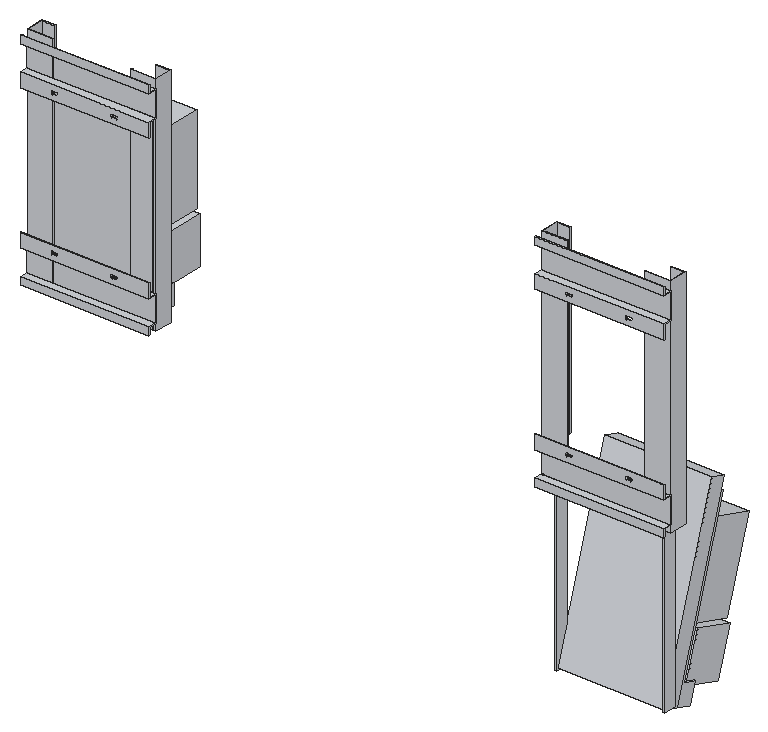
Revit family "AX9406E_0014", category Appareils sanitaires, Revit 2016
Family settings
  Hôte = Mur
  Type d'élément = Normal
  Cote de connecteur circulaire = Utiliser le diamètre
  Numéro OmniClass = 23.75.00.00
  Titre OmniClass = Climate Control (HVAC)
  Toujours verticalement = Oui
  Couper avec des vides une fois chargée = Non
  Partagée = Non
  Point de calcul de pièce = Non
Parameters (values of type "Type 1")
  URL = "https://www.axeuro.com/fr/home/25555-distributeur-de-savon-a-encastrer-derriere-un-miroir-ax9406e.html?search_query=ax9406e&results=1"
  Modèle = "AX9406E"  # constant formula
  Matériaux = "En plastique & en inox 304 (18/10) Bactériostatique Brossé Poli Satiné HyperPolish, le réservoir de savon translucide est en polyéthylène"  # constant formula
  Fabricant = "Axeuro"  # constant formula
  Description = "Distributeur de savon à encastrer derrière un miroir"  # constant formula
Reference planes
  plane 1 "Mur": y = 0
  plane 2 "Centre (gauche/droite)": x = 0
  plane 3 "Arrière": y = 75
Forms (mm)
  Extrusion 1, solid
    sketch origin (85.784, 131.3, -956.225) x (1, 0, 0) y (0, 0, 1)
      loop
        line (-369.916, 1900.05) -> (-545.739, 1900.05) -> (-545.739, 1622.442) -> (-369.916, 1622.442) -> (-369.916, 1900.05)
    from 18.3 to 42.513
  Extrusion 2, solid
    sketch origin (-258.499, 13, -101) x (0, 1, 0) y (0, 0, 1)
      loop
        line (62, 1091.403) -> (62, 1080.27) -> (74.011, 1080.27) -> (74.011, 1043.363) -> (62, 1043.363) -> (62, 1023.177) -> (63, 1023.177) -> (63, 1042.363) -> (74.787, 1042.363) -> (74.787, 1081.287) -> (63, 1081.287) -> (63, 1091.403) -> (62, 1091.403)
    from -206.545 to -20.545
  Extrusion 3, solid
    sketch origin (-258.499, 13, 1757.62) x (0, 1, 0) y (0, 0, 1)
      loop
        line (62, -1091.403) -> (63, -1091.403) -> (63, -1081.287) -> (74.787, -1081.287) -> (74.787, -1042.363) -> (63, -1042.363) -> (63, -1023.177) -> (62, -1023.177) -> (62, -1043.363) -> (74.011, -1043.363) -> (74.011, -1080.27) -> (62, -1080.27) -> (62, -1091.403)
    from -206.545 to -20.545
  Extrusion 4, solid
    sketch origin (-273.499, 32, -115) x (0, 1, 0) y (0, 0, 1)
      loop
        line (182.673, 996.87) -> (97.18, 996.87) -> (97.18, 869.33) -> (182.673, 869.33) -> (182.673, 996.87)
    from -151.645 to -48.653
  Extrusion 5, solid
    sketch origin (-273.499, 32, -115) x (1, 0, 0) y (0, 1, 0)
      loop
        circle (-94.158, 150.829) r 21.911
    from 996.934 to 1009.972
  Extrusion 6, solid
    sketch origin (-273.499, 13, -115) x (0, 1, 0) y (0, 0, 1)
      loop
        line (138.449, 777.269) -> (138.449, 807.147) -> (116.18, 807.147) -> (116.18, 1035.147) -> (100, 1035.147) -> (100, 777.269) -> (138.449, 777.269)
    from -169.773 to -30.488
  Extrusion 7, void
    sketch origin (-273.499, 88, -115) x (1, 0, 0) y (0, 0, 1)
      loop
        line (-32.488, 779.269) -> (-32.488, 1032.662) -> (-167.773, 1032.662) -> (-167.773, 779.269) -> (-32.488, 779.269)
    from -27 to -80
  Extrusion 8, solid
    sketch origin (-258.499, 13, -115) x (1, 0, 0) y (0, 1, 0)
      loop
        line (-206.545, 101) -> (-206.545, 74.787) -> (-169.574, 74.787) -> (-169.574, 75.787) -> (-205.545, 75.787) -> (-205.545, 100) -> (-186.545, 100) -> (-186.545, 101) -> (-206.545, 101)
    from 781.217 to 1107.662
  Extrusion 9, void
    sketch origin (-258.499, 88, -115) x (1, 0, 0) y (0, 0, 1)
      loop
        line (-183.993, 840.915) -> (-201.456, 840.915) -> (-201.456, 792.157) -> (-205.545, 792.157) -> (-205.545, 779.269) -> (-183.993, 779.269) -> (-183.993, 840.915)
    from -27.894 to -0.589
  Extrusion 10, solid
    sketch origin (-485.588, 13, -115) x (-1, 0, 0) y (0, -1, 0)
      loop
        line (-206.545, -101) -> (-186.545, -101) -> (-186.545, -100) -> (-205.545, -100) -> (-205.545, -75.787) -> (-169.574, -75.787) -> (-169.574, -74.787) -> (-206.545, -74.787) -> (-206.545, -101)
    from 781.217 to 1107.662
  Extrusion 11, void
    sketch origin (-485.588, 88, -115) x (-1, 0, 0) y (0, 0, -1)
      loop
        line (-183.993, -840.915) -> (-183.993, -779.269) -> (-205.545, -779.269) -> (-205.545, -792.157) -> (-201.456, -792.157) -> (-201.456, -840.915) -> (-183.993, -840.915)
    from -27.894 to -0.589
  Extrusion 12, solid
    sketch origin (-273.499, 107, -115) x (1, 0, 0) y (0, 0, 1)
      loop
        line (-41.688, 866.468) -> (-164.1, 866.468) -> (-164.1, 797.112) -> (-41.688, 797.112) -> (-41.688, 866.468)
    from -105.493 to -22.18
  Extrusion 13, solid
    sketch origin (-273.499, 107, -115) x (1, 0, 0) y (0, 0, 1)
      loop
        line (-68.238, 797.112) -> (-124.921, 797.112) -> (-124.921, 793.415) -> (-109.288, 793.415) -> (-93.841, 785.173) -> (-68.238, 797.112)
    from -105.493 to -44.449
  Extrusion 14, void
    sketch origin (-273.499, 107, -115) x (1, 0, 0) y (0, 0, 1)
      loop
        line (-137.189, 850.697) -> (-123.934, 822.272)
        arc (-123.934, 822.272) -> (-119.778, 841.513) -> (-137.189, 850.697) r 16.284
    from -107.828 to -99.857
  Extrusion 15, void
    sketch origin (-541.156, 107, 1554.679) x (-1, 0, 0) y (0, 0, -1)
      loop
        line (-137.189, 850.697) -> (-123.934, 822.272)
        arc (-123.934, 822.272) -> (-119.778, 841.513) -> (-137.189, 850.697) r 16.284
    from -107.828 to -99.857
  Extrusion 16, void
    sketch origin (-273.499, 107, -115) x (1, 0, 0) y (0, 0, 1)
      loop
        circle (-134.065, 834.893) r 22.599
      loop
        circle (-134.065, 834.893) r 23.099
    from -105.493 to -99.857
  Extrusion 17, solid
    sketch origin (-273.499, 32, -115) x (1, 0, 0) y (0, 1, 0)
      loop
        circle (-93.166, 167.329) r 5.905
      loop
        circle (-93.166, 167.329) r 3.598
    from 782.819 to 789.363
  Extrusion 18, void
    sketch origin (-273.499, 13, -115) x (1, 0, 0) y (0, 1, 0)
      loop
        line (-167.161, 138.449) -> (-167.161, 108.449) -> (-137.161, 108.449) -> (-137.161, 138.449) -> (-167.161, 138.449)
    from 777.269 to 779.269
  Extrusion 19, solid
    sketch origin (-84.188, 88, -120.415) x (1, 0, 0) y (0, 0, 1)
      loop
        line (-273.909, 1033.562) -> (-305.909, 1033.562) -> (-305.909, 1020.562) -> (-273.909, 1020.562) -> (-273.909, 1033.562)
      loop
        line (-275.909, 1031.475) -> (-294.909, 1031.475) -> (-294.909, 1022.476) -> (-275.909, 1022.476) -> (-275.909, 1031.475)
    from -32 to -27
  Extrusion 20, solid
    sketch origin (-286.507, -9.553, -141.421) x (0, 1, 0) y (0, 0, 1)
      loop
        line (125.447, 1029.569) -> (125.447, 1027.569) -> (153.447, 1027.569) -> (153.447, 1020.569) -> (155.447, 1020.569) -> (155.447, 1029.569) -> (125.447, 1029.569)
    from -59.645 to -46.645
  Extrusion 21, solid
    sketch origin (-461.726, -9.553, -141.421) x (0, 1, 0) y (0, 0, -1)
      loop
        line (125.447, -1029.569) -> (155.447, -1029.569) -> (155.447, -1020.569) -> (153.447, -1020.569) -> (153.447, -1027.569) -> (125.447, -1027.569) -> (125.447, -1029.569)
    from -59.645 to -46.645
  Extrusion 22, void
    sketch origin (-228.075, 13, -253.718) x (1, 0, 0) y (0, 0, 1)
      loop
        line (-184.46, 1188.488) -> (-189.484, 1188.488)
        arc (-189.484, 1188.488) -> (-191.984, 1185.988) -> (-189.484, 1183.488) r 2.5
        line (-189.484, 1183.488) -> (-184.46, 1183.488)
        arc (-184.46, 1183.488) -> (-181.96, 1185.988) -> (-184.46, 1188.488) r 2.5
    from -63 to -62
  Extrusion 23, void
    sketch origin (-228.075, 13, -461.638) x (1, 0, 0) y (0, 0, 1)
      loop
        line (-184.46, 1188.488) -> (-189.484, 1188.488)
        arc (-189.484, 1188.488) -> (-191.984, 1185.988) -> (-189.484, 1183.488) r 2.5
        line (-189.484, 1183.488) -> (-184.46, 1183.488)
        arc (-184.46, 1183.488) -> (-181.96, 1185.988) -> (-184.46, 1188.488) r 2.5
    from -63 to -62
  Extrusion 24, solid, not visible
    sketch origin (304.831, 131.3, -956.225) x (1, 0, 0) y (0, 0, 1)
      loop
        line (-73.661, 1900.05) -> (-536.889, 1900.05) -> (-536.889, 1622.442) -> (-73.661, 1622.442) -> (-73.661, 1900.05)
    from 18.3 to 43.3
  Extrusion 25, solid, not visible
    sketch origin (185.223, 13, -957.982) x (1, 0, 0) y (0, 1, 0)
      loop
        line (-247.5, 202) -> (-247.5, 100) -> (-217.5, 100) -> (-217.5, 101) -> (-246.5, 101) -> (-246.5, 201) -> (-217.5, 201) -> (-217.5, 202) -> (-247.5, 202)
    from 1630.266 to 1815.266
  Extrusion 26, solid, not visible
    sketch origin (-32.777, 13, -957.982) x (-1, 0, 0) y (0, -1, 0)
      loop
        line (-247.5, -202) -> (-217.5, -202) -> (-217.5, -201) -> (-246.5, -201) -> (-246.5, -101) -> (-217.5, -101) -> (-217.5, -100) -> (-247.5, -100) -> (-247.5, -202)
    from 1630.266 to 1815.266
  Extrusion 27, solid, not visible
    sketch origin (-19.777, 13, -957.982) x (1, 0, 0) y (0, 1, 0)
      loop
        line (-42.5, 202) -> (-42.5, 100) -> (234.5, 100) -> (234.5, 202) -> (-42.5, 202)
    from 1630.266 to 1631.266
  Extrusion 28, void, not visible
    sketch origin (-19.777, 88, -957.982) x (1, 0, 0) y (0, 0, 1)
      loop
        line (212.293, 1815.266) -> (212.293, 1818.897) -> (199.5, 1818.897) -> (199.5, 1807.473) -> (204.5, 1807.473)
        arc (204.5, 1807.473) -> (206.783, 1812.984) -> (212.293, 1815.266) r 7.793
    from -127 to -25
  Extrusion 29, void, not visible
    sketch origin (172.223, 88, -957.982) x (-1, 0, 0) y (0, 0, -1)
      loop
        arc (212.293, -1815.266) -> (206.783, -1812.984) -> (204.5, -1807.473) r 7.793
        line (204.5, -1807.473) -> (199.5, -1807.473) -> (199.5, -1818.897) -> (212.293, -1818.897) -> (212.293, -1815.266)
    from -127 to -25
  Extrusion 30, solid, not visible
    sketch origin (-19.777, 88, -957.982) x (1, 0, 0) y (0, 0, 1)
      loop
        line (204.5, 1631.266) -> (204.5, 1645.266) -> (-12.5, 1645.266) -> (-12.5, 1631.266) -> (204.5, 1631.266)
    from -127 to -126
  Extrusion 31, solid, not visible
    sketch origin (-19.777, 240, -957.982) x (1, 0, 0) y (0, 0, -1)
      loop
        line (204.5, -1631.266) -> (-12.5, -1631.266) -> (-12.5, -1645.266) -> (204.5, -1645.266) -> (204.5, -1631.266)
    from -127 to -126
  Extrusion 32, solid, not visible
    sketch origin (-39.452, 13, -115) x (0, 1, 0) y (0, 0, 1)
      loop
        line (62, 1091.403) -> (62, 1080.27) -> (74.011, 1080.27) -> (74.011, 1043.363) -> (62, 1043.363) -> (62, 1023.177) -> (63, 1023.177) -> (63, 1042.363) -> (74.787, 1042.363) -> (74.787, 1081.287) -> (63, 1081.287) -> (63, 1091.403) -> (62, 1091.403)
    from -206.545 to 285.448
  Extrusion 33, solid, not visible
    sketch origin (-39.452, 13, 1757.62) x (0, 1, 0) y (0, 0, 1)
      loop
        line (62, -1091.403) -> (63, -1091.403) -> (63, -1081.287) -> (74.787, -1081.287) -> (74.787, -1042.363) -> (63, -1042.363) -> (63, -1023.177) -> (62, -1023.177) -> (62, -1043.363) -> (74.011, -1043.363) -> (74.011, -1080.27) -> (62, -1080.27) -> (62, -1091.403)
    from -206.545 to 285.448
  Extrusion 34, solid, not visible
    sketch origin (-39.452, 13, -115) x (0, 1, 0) y (0, 0, 1)
      loop
        line (182.673, 996.87) -> (100, 996.87) -> (100, 869.33) -> (182.673, 869.33) -> (182.673, 996.87)
    from -151.645 to -48.653
  Extrusion 35, solid, not visible
    sketch origin (-39.452, 13, -115) x (1, 0, 0) y (0, 1, 0)
      loop
        circle (-94.158, 150.829) r 21.911
    from 996.934 to 1009.972
  Extrusion 36, solid, not visible
    sketch origin (-39.452, 13, -115) x (0, 1, 0) y (0, 0, 1)
      loop
        line (138.449, 777.269) -> (138.449, 807.147) -> (116.18, 807.147) -> (116.18, 1037.147) -> (100, 1037.147) -> (100, 777.269) -> (138.449, 777.269)
    from -169.773 to -30.488
  Extrusion 37, void, not visible
    sketch origin (-39.452, 88, -115) x (1, 0, 0) y (0, 0, 1)
      loop
        line (-32.488, 779.269) -> (-32.488, 1035.147) -> (-167.773, 1035.147) -> (-167.773, 779.269) -> (-32.488, 779.269)
    from -63.449 to -27
  Extrusion 38, solid, not visible
    sketch origin (-39.452, 13, -115) x (1, 0, 0) y (0, 1, 0)
      loop
        line (-206.545, 101) -> (-206.545, 74.787) -> (-169.574, 74.787) -> (-169.574, 75.787) -> (-205.545, 75.787) -> (-205.545, 100) -> (-186.545, 100) -> (-186.545, 101) -> (-206.545, 101)
    from 781.217 to 1091.403
  Extrusion 39, void, not visible
    sketch origin (-39.452, 88, -115) x (1, 0, 0) y (0, 0, 1)
      loop
        line (-183.993, 840.915) -> (-201.456, 840.915) -> (-201.456, 792.157) -> (-205.545, 792.157) -> (-205.545, 779.269) -> (-183.993, 779.269) -> (-183.993, 840.915)
    from -27.894 to -0.589
  Extrusion 40, solid, not visible
    sketch origin (39.452, 13, -115) x (-1, 0, 0) y (0, -1, 0)
      loop
        line (-206.545, -101) -> (-186.545, -101) -> (-186.545, -100) -> (-205.545, -100) -> (-205.545, -75.787) -> (-169.574, -75.787) -> (-169.574, -74.787) -> (-206.545, -74.787) -> (-206.545, -101)
    from 781.217 to 1091.403
  Extrusion 41, void, not visible
    sketch origin (39.452, 88, -115) x (-1, 0, 0) y (0, 0, -1)
      loop
        line (-183.993, -840.915) -> (-183.993, -779.269) -> (-205.545, -779.269) -> (-205.545, -792.157) -> (-201.456, -792.157) -> (-201.456, -840.915) -> (-183.993, -840.915)
    from -27.894 to -0.589
  Extrusion 42, solid, not visible
    sketch origin (-39.452, 88, -115) x (1, 0, 0) y (0, 0, 1)
      loop
        line (-41.688, 866.468) -> (-164.1, 866.468) -> (-164.1, 797.112) -> (-41.688, 797.112) -> (-41.688, 866.468)
    from -105.493 to -27.894
  Extrusion 43, solid, not visible
    sketch origin (-39.452, 88, -115) x (1, 0, 0) y (0, 0, 1)
      loop
        line (-68.238, 797.112) -> (-124.921, 797.112) -> (-124.921, 793.415) -> (-109.288, 793.415) -> (-93.841, 785.173) -> (-68.238, 797.112)
    from -105.493 to -54.671
  Extrusion 44, void, not visible
    sketch origin (-39.452, 88, -115) x (1, 0, 0) y (0, 0, 1)
      loop
        line (-137.189, 850.697) -> (-123.934, 822.272)
        arc (-123.934, 822.272) -> (-119.778, 841.513) -> (-137.189, 850.697) r 16.284
    from -107.828 to -99.857
  Extrusion 45, void, not visible
    sketch origin (-307.109, 88, 1554.679) x (-1, 0, 0) y (0, 0, -1)
      loop
        line (-137.189, 850.697) -> (-123.934, 822.272)
        arc (-123.934, 822.272) -> (-119.778, 841.513) -> (-137.189, 850.697) r 16.284
    from -107.828 to -99.857
  Extrusion 46, void, not visible
    sketch origin (-39.452, 88, -115) x (1, 0, 0) y (0, 0, 1)
      loop
        circle (-134.065, 834.893) r 22.599
      loop
        circle (-134.065, 834.893) r 23.099
    from -105.493 to -99.857
  Extrusion 47, solid, not visible
    sketch origin (-39.452, 13, -115) x (1, 0, 0) y (0, 1, 0)
      loop
        circle (-93.166, 167.329) r 5.905
      loop
        circle (-93.166, 167.329) r 3.598
    from 782.819 to 789.363
  Extrusion 48, void, not visible
    sketch origin (-39.452, 13, -115) x (1, 0, 0) y (0, 1, 0)
      loop
        line (-167.161, 138.449) -> (-167.161, 108.449) -> (-137.161, 108.449) -> (-137.161, 138.449) -> (-167.161, 138.449)
    from 777.269 to 779.269
  Extrusion 49, solid, not visible
    sketch origin (150.327, 88, -120.415) x (1, 0, 0) y (0, 0, 1)
      loop
        line (-273.909, 1033.562) -> (-305.909, 1033.562) -> (-305.909, 1020.562) -> (-273.909, 1020.562) -> (-273.909, 1033.562)
      loop
        line (-275.909, 1031.475) -> (-294.909, 1031.475) -> (-294.909, 1022.476) -> (-275.909, 1022.476) -> (-275.909, 1031.475)
    from -32 to -27
  Extrusion 50, solid, not visible
    sketch origin (-51.991, -9.553, -141.421) x (0, 1, 0) y (0, 0, 1)
      loop
        line (125.447, 1029.569) -> (125.447, 1027.569) -> (153.447, 1027.569) -> (153.447, 1020.569) -> (155.447, 1020.569) -> (155.447, 1029.569) -> (125.447, 1029.569)
    from -59.645 to -46.645
  Extrusion 51, solid, not visible
    sketch origin (-227.21, -9.553, -141.421) x (0, 1, 0) y (0, 0, -1)
      loop
        line (125.447, -1029.569) -> (155.447, -1029.569) -> (155.447, -1020.569) -> (153.447, -1020.569) -> (153.447, -1027.569) -> (125.447, -1027.569) -> (125.447, -1029.569)
    from -59.645 to -46.645
  Extrusion 52, void, not visible
    sketch origin (76.019, 28.462, -1080.215) x (1, 0, 0) y (0, 1, 0)
      loop
        arc (-115.494, 150) -> (-122.358, 138.752) -> (-115.494, 127.504) r 12.648
        line (-115.494, 127.504) -> (115.494, 127.504)
        arc (115.494, 127.504) -> (122.358, 138.752) -> (115.494, 150) r 12.648
        line (115.494, 150) -> (75.246, 150)
        arc (75.246, 150) -> (61.579, 150.358) -> (47.95, 151.431) r 261.137
        arc (47.95, 151.431) -> (26.164, 166.695) -> (0, 171.504) r 62.43
        arc (0, 171.504) -> (-26.164, 166.695) -> (-47.95, 151.431) r 62.43
        arc (-47.95, 151.431) -> (-61.579, 150.358) -> (-75.246, 150) r 261.137
        line (-75.246, 150) -> (-115.494, 150)
    from 1752.5 to 1753.5
  Extrusion 53, void, not visible
    sketch origin (-10.528, 13, -267.718) x (1, 0, 0) y (0, 0, 1)
      loop
        line (-184.46, 1188.488) -> (-189.484, 1188.488)
        arc (-189.484, 1188.488) -> (-191.984, 1185.988) -> (-189.484, 1183.488) r 2.5
        line (-189.484, 1183.488) -> (-184.46, 1183.488)
        arc (-184.46, 1183.488) -> (-181.96, 1185.988) -> (-184.46, 1188.488) r 2.5
    from -63 to -62
  Extrusion 54, void, not visible
    sketch origin (384.472, 13, -267.718) x (1, 0, 0) y (0, 0, 1)
      loop
        line (-184.46, 1188.488) -> (-189.484, 1188.488)
        arc (-189.484, 1188.488) -> (-191.984, 1185.988) -> (-189.484, 1183.488) r 2.5
        line (-189.484, 1183.488) -> (-184.46, 1183.488)
        arc (-184.46, 1183.488) -> (-181.96, 1185.988) -> (-184.46, 1188.488) r 2.5
    from -63 to -62
  Extrusion 55, void, not visible
    sketch origin (-10.528, 13, -461.638) x (1, 0, 0) y (0, 0, 1)
      loop
        line (-184.46, 1188.488) -> (-189.484, 1188.488)
        arc (-189.484, 1188.488) -> (-191.984, 1185.988) -> (-189.484, 1183.488) r 2.5
        line (-189.484, 1183.488) -> (-184.46, 1183.488)
        arc (-184.46, 1183.488) -> (-181.96, 1185.988) -> (-184.46, 1188.488) r 2.5
    from -63 to -62
  Extrusion 56, void, not visible
    sketch origin (384.472, 13, -461.638) x (1, 0, 0) y (0, 0, 1)
      loop
        line (-184.46, 1188.488) -> (-189.484, 1188.488)
        arc (-189.484, 1188.488) -> (-191.984, 1185.988) -> (-189.484, 1183.488) r 2.5
        line (-189.484, 1183.488) -> (-184.46, 1183.488)
        arc (-184.46, 1183.488) -> (-181.96, 1185.988) -> (-184.46, 1188.488) r 2.5
    from -63 to -62
  Extrusion 57, void, not visible
    sketch origin (-273.888, -77.259, 0) x (1, 0, 0) y (0, 1, 0)
      loop
        line (249.885, 185.653) -> (249.885, 170.653) -> (294.885, 170.653) -> (294.885, 185.653) -> (249.885, 185.653)
    from 666.217 to 672.285
  Extrusion 58, solid, not visible
    sketch origin (-14.586, 95.608, 0) x (1, 0, 0) y (0, 0, 1)
      loop
        line (33.083, 673.285) -> (-6.917, 673.285) -> (-6.917, 662.269) -> (33.083, 662.269) -> (33.083, 673.285)
    from 0 to 1
  Extrusion 59, solid, not visible
    sketch origin (304.831, -530.562, -1049.122) x (1, 0, 0) y (0, 0.405647, 0.91403)
      loop
        line (-73.661, 1900.05) -> (-536.889, 1900.05) -> (-536.889, 1622.442) -> (-73.661, 1622.442) -> (-73.661, 1900.05)
    from 18.3 to 43.3
  Extrusion 60, solid, not visible
    sketch origin (185.223, -639.404, -1002.74) x (1, 0, 0) y (0, 0.91403, -0.405647)
      loop
        line (-247.5, 202) -> (-247.5, 100) -> (-217.5, 100) -> (-217.5, 101) -> (-246.5, 101) -> (-246.5, 201) -> (-217.5, 201) -> (-217.5, 202) -> (-247.5, 202)
    from 1630.266 to 1815.266
  Extrusion 61, solid, not visible
    sketch origin (-32.777, -639.404, -1002.74) x (-1, 0, 0) y (0, -0.91403, 0.405647)
      loop
        line (-247.5, -202) -> (-217.5, -202) -> (-217.5, -201) -> (-246.5, -201) -> (-246.5, -101) -> (-217.5, -101) -> (-217.5, -100) -> (-247.5, -100) -> (-247.5, -202)
    from 1630.266 to 1815.266
  Extrusion 62, solid, not visible
    sketch origin (-19.777, -639.404, -1002.74) x (1, 0, 0) y (0, 0.91403, -0.405647)
      loop
        line (-42.5, 202) -> (-42.5, 100) -> (234.5, 100) -> (234.5, 202) -> (-42.5, 202)
    from 1630.266 to 1631.266
  Extrusion 63, void, not visible
    sketch origin (-19.777, -570.852, -1033.164) x (1, 0, 0) y (0, 0.405647, 0.91403)
      loop
        line (212.293, 1815.266) -> (212.293, 1818.897) -> (199.5, 1818.897) -> (199.5, 1807.473) -> (204.5, 1807.473)
        arc (204.5, 1807.473) -> (206.783, 1812.984) -> (212.293, 1815.266) r 7.793
    from -127 to -25
  Extrusion 64, void, not visible
    sketch origin (172.223, -570.852, -1033.164) x (-1, 0, 0) y (0, -0.405647, -0.91403)
      loop
        arc (212.293, -1815.266) -> (206.783, -1812.984) -> (204.5, -1807.473) r 7.793
        line (204.5, -1807.473) -> (199.5, -1807.473) -> (199.5, -1818.897) -> (212.293, -1818.897) -> (212.293, -1815.266)
    from -127 to -25
  Extrusion 65, solid, not visible
    sketch origin (-19.777, -570.852, -1033.164) x (1, 0, 0) y (0, 0.405647, 0.91403)
      loop
        line (204.5, 1631.266) -> (204.5, 1645.266) -> (-12.5, 1645.266) -> (-12.5, 1631.266) -> (204.5, 1631.266)
    from -127 to -126
  Extrusion 66, solid, not visible
    sketch origin (-19.777, -431.919, -1094.822) x (1, 0, 0) y (0, -0.405647, -0.91403)
      loop
        line (204.5, -1631.266) -> (-12.5, -1631.266) -> (-12.5, -1645.266) -> (204.5, -1645.266) -> (204.5, -1631.266)
    from -127 to -126
  Extrusion 67, solid, not visible
    sketch origin (-39.452, 13, -115) x (0, 1, 0) y (0, 0, 1)
      loop
        line (62, 1091.403) -> (62, 1080.27) -> (74.011, 1080.27) -> (74.011, 1043.363) -> (62, 1043.363) -> (62, 1023.177) -> (63, 1023.177) -> (63, 1042.363) -> (74.787, 1042.363) -> (74.787, 1081.287) -> (63, 1081.287) -> (63, 1091.403) -> (62, 1091.403)
    from -206.545 to 285.448
  Extrusion 68, solid, not visible
    sketch origin (-39.452, 13, 1757.62) x (0, 1, 0) y (0, 0, 1)
      loop
        line (62, -1091.403) -> (63, -1091.403) -> (63, -1081.287) -> (74.787, -1081.287) -> (74.787, -1042.363) -> (63, -1042.363) -> (63, -1023.177) -> (62, -1023.177) -> (62, -1043.363) -> (74.011, -1043.363) -> (74.011, -1080.27) -> (62, -1080.27) -> (62, -1091.403)
    from -206.545 to 285.448
  Extrusion 69, solid, not visible
    sketch origin (-39.452, -297.451, -232.23) x (0, 0.91403, -0.405647) y (0, 0.405647, 0.91403)
      loop
        line (182.673, 996.87) -> (100, 996.87) -> (100, 869.33) -> (182.673, 869.33) -> (182.673, 996.87)
    from -151.645 to -48.653
  Extrusion 70, solid, not visible
    sketch origin (-39.452, -297.451, -232.23) x (1, 0, 0) y (0, 0.91403, -0.405647)
      loop
        circle (-94.158, 150.829) r 21.911
    from 996.934 to 1009.972
  Extrusion 71, solid, not visible
    sketch origin (-39.452, -297.451, -232.23) x (0, 0.91403, -0.405647) y (0, 0.405647, 0.91403)
      loop
        line (138.449, 777.269) -> (138.449, 807.147) -> (116.18, 807.147) -> (116.18, 1037.147) -> (100, 1037.147) -> (100, 777.269) -> (138.449, 777.269)
    from -169.773 to -30.488
  Extrusion 72, void, not visible
    sketch origin (-39.452, -228.899, -262.653) x (1, 0, 0) y (0, 0.405647, 0.91403)
      loop
        line (-32.488, 779.269) -> (-32.488, 1035.147) -> (-167.773, 1035.147) -> (-167.773, 779.269) -> (-32.488, 779.269)
    from -63.449 to -27
  Extrusion 73, solid, not visible
    sketch origin (-39.452, 13, -115) x (1, 0, 0) y (0, 1, 0)
      loop
        line (-206.545, 101) -> (-206.545, 74.787) -> (-169.574, 74.787) -> (-169.574, 75.787) -> (-205.545, 75.787) -> (-205.545, 100) -> (-186.545, 100) -> (-186.545, 101) -> (-206.545, 101)
    from 781.217 to 1091.403
  Extrusion 74, void, not visible
    sketch origin (-39.452, 88, -115) x (1, 0, 0) y (0, 0, 1)
      loop
        line (-183.993, 840.915) -> (-201.456, 840.915) -> (-201.456, 792.157) -> (-205.545, 792.157) -> (-205.545, 779.269) -> (-183.993, 779.269) -> (-183.993, 840.915)
    from -27.894 to -0.787
  Extrusion 75, solid, not visible
    sketch origin (39.452, 13, -115) x (-1, 0, 0) y (0, -1, 0)
      loop
        line (-206.545, -101) -> (-186.545, -101) -> (-186.545, -100) -> (-205.545, -100) -> (-205.545, -75.787) -> (-169.574, -75.787) -> (-169.574, -74.787) -> (-206.545, -74.787) -> (-206.545, -101)
    from 781.217 to 1091.403
  Extrusion 76, void, not visible
    sketch origin (39.452, 88, -115) x (-1, 0, 0) y (0, 0, -1)
      loop
        line (-183.993, -840.915) -> (-183.993, -779.269) -> (-205.545, -779.269) -> (-205.545, -792.157) -> (-201.456, -792.157) -> (-201.456, -840.915) -> (-183.993, -840.915)
    from -27.894 to -0.787
  Extrusion 77, solid, not visible
    sketch origin (-39.452, -228.899, -262.653) x (1, 0, 0) y (0, 0.405647, 0.91403)
      loop
        line (-41.688, 866.468) -> (-164.1, 866.468) -> (-164.1, 797.112) -> (-41.688, 797.112) -> (-41.688, 866.468)
    from -105.493 to -27.894
  Extrusion 78, solid, not visible
    sketch origin (-39.452, -228.899, -262.653) x (1, 0, 0) y (0, 0.405647, 0.91403)
      loop
        line (-68.238, 797.112) -> (-124.921, 797.112) -> (-124.921, 793.415) -> (-109.288, 793.415) -> (-93.841, 785.173) -> (-68.238, 797.112)
    from -105.493 to -54.671
  Extrusion 79, void, not visible
    sketch origin (-39.452, -228.899, -262.653) x (1, 0, 0) y (0, 0.405647, 0.91403)
      loop
        line (-137.189, 850.697) -> (-123.934, 822.272)
        arc (-123.934, 822.272) -> (-119.778, 841.513) -> (-137.189, 850.697) r 16.284
    from -107.828 to -99.857
  Extrusion 80, void, not visible
    sketch origin (-307.109, 448.402, 1263.483) x (-1, 0, 0) y (0, -0.405647, -0.91403)
      loop
        line (-137.189, 850.697) -> (-123.934, 822.272)
        arc (-123.934, 822.272) -> (-119.778, 841.513) -> (-137.189, 850.697) r 16.284
    from -107.828 to -99.857
  Extrusion 81, void, not visible
    sketch origin (-39.452, -228.899, -262.653) x (1, 0, 0) y (0, 0.405647, 0.91403)
      loop
        circle (-134.065, 834.893) r 22.599
      loop
        circle (-134.065, 834.893) r 23.099
    from -105.493 to -99.857
  Extrusion 82, solid, not visible
    sketch origin (-39.452, -297.451, -232.23) x (1, 0, 0) y (0, 0.91403, -0.405647)
      loop
        circle (-93.166, 167.329) r 5.905
      loop
        circle (-93.166, 167.329) r 3.598
    from 782.819 to 789.363
  Extrusion 83, void, not visible
    sketch origin (-39.452, -297.451, -232.23) x (1, 0, 0) y (0, 0.91403, -0.405647)
      loop
        line (-167.161, 138.449) -> (-167.161, 108.449) -> (-137.161, 108.449) -> (-137.161, 138.449) -> (-167.161, 138.449)
    from 777.269 to 779.269
  Extrusion 84, solid, not visible
    sketch origin (150.327, -231.095, -267.602) x (1, 0, 0) y (0, 0.405647, 0.91403)
      loop
        line (-273.909, 1033.562) -> (-305.909, 1033.562) -> (-305.909, 1020.562) -> (-273.909, 1020.562) -> (-273.909, 1033.562)
      loop
        line (-275.909, 1031.475) -> (-294.909, 1031.475) -> (-294.909, 1022.476) -> (-275.909, 1022.476) -> (-275.909, 1031.475)
    from -32 to -27
  Extrusion 85, solid, not visible
    sketch origin (-51.991, -328.783, -247.231) x (0, 0.91403, -0.405647) y (0, 0.405647, 0.91403)
      loop
        line (125.447, 1029.569) -> (125.447, 1027.569) -> (153.447, 1027.569) -> (153.447, 1020.569) -> (155.447, 1020.569) -> (155.447, 1029.569) -> (125.447, 1029.569)
    from -59.645 to -46.645
  Extrusion 86, solid, not visible
    sketch origin (-227.21, -328.783, -247.231) x (0, 0.91403, -0.405647) y (0, -0.405647, -0.91403)
      loop
        line (125.447, -1029.569) -> (205.227, -1029.569) -> (205.227, -1020.569) -> (153.447, -1020.569) -> (153.447, -1027.569) -> (125.447, -1027.569) -> (125.447, -1029.569)
    from -59.645 to -46.645
  Extrusion 87, void, not visible
    sketch origin (76.019, -674.855, -1120.737) x (1, 0, 0) y (0, 0.91403, -0.405647)
      loop
        arc (-115.494, 150) -> (-122.358, 138.752) -> (-115.494, 127.504) r 12.648
        line (-115.494, 127.504) -> (115.494, 127.504)
        arc (115.494, 127.504) -> (122.358, 138.752) -> (115.494, 150) r 12.648
        line (115.494, 150) -> (75.246, 150)
        arc (75.246, 150) -> (61.579, 150.358) -> (47.95, 151.431) r 261.137
        arc (47.95, 151.431) -> (26.164, 166.695) -> (0, 171.504) r 62.43
        arc (0, 171.504) -> (-26.164, 166.695) -> (-47.95, 151.431) r 62.43
        arc (-47.95, 151.431) -> (-61.579, 150.358) -> (-75.246, 150) r 261.137
        line (-75.246, 150) -> (-115.494, 150)
    from 1752.5 to 1753.5
  Extrusion 88, void, not visible
    sketch origin (-10.528, 13, -267.718) x (1, 0, 0) y (0, 0, 1)
      loop
        line (-184.46, 1188.488) -> (-189.484, 1188.488)
        arc (-189.484, 1188.488) -> (-191.984, 1185.988) -> (-189.484, 1183.488) r 2.5
        line (-189.484, 1183.488) -> (-184.46, 1183.488)
        arc (-184.46, 1183.488) -> (-181.96, 1185.988) -> (-184.46, 1188.488) r 2.5
    from -63 to -62
  Extrusion 89, void, not visible
    sketch origin (384.472, 13, -267.718) x (1, 0, 0) y (0, 0, 1)
      loop
        line (-184.46, 1188.488) -> (-189.484, 1188.488)
        arc (-189.484, 1188.488) -> (-191.984, 1185.988) -> (-189.484, 1183.488) r 2.5
        line (-189.484, 1183.488) -> (-184.46, 1183.488)
        arc (-184.46, 1183.488) -> (-181.96, 1185.988) -> (-184.46, 1188.488) r 2.5
    from -63 to -62
  Extrusion 90, void, not visible
    sketch origin (-10.528, 13, -461.638) x (1, 0, 0) y (0, 0, 1)
      loop
        line (-184.46, 1188.488) -> (-189.484, 1188.488)
        arc (-189.484, 1188.488) -> (-191.984, 1185.988) -> (-189.484, 1183.488) r 2.5
        line (-189.484, 1183.488) -> (-184.46, 1183.488)
        arc (-184.46, 1183.488) -> (-181.96, 1185.988) -> (-184.46, 1188.488) r 2.5
    from -63 to -62
  Extrusion 91, void, not visible
    sketch origin (384.472, 13, -461.638) x (1, 0, 0) y (0, 0, 1)
      loop
        line (-184.46, 1188.488) -> (-189.484, 1188.488)
        arc (-189.484, 1188.488) -> (-191.984, 1185.988) -> (-189.484, 1183.488) r 2.5
        line (-189.484, 1183.488) -> (-184.46, 1183.488)
        arc (-184.46, 1183.488) -> (-181.96, 1185.988) -> (-184.46, 1188.488) r 2.5
    from -63 to -62
  Extrusion 92, void, not visible
    sketch origin (-273.888, -333.301, -90.503) x (1, 0, 0) y (0, 0.91403, -0.405647)
      loop
        line (249.885, 185.653) -> (249.885, 170.653) -> (294.885, 170.653) -> (294.885, 185.653) -> (249.885, 185.653)
    from 666.217 to 672.285
  Extrusion 93, solid, not visible
    sketch origin (-14.586, -175.295, -160.626) x (1, 0, 0) y (0, 0.405647, 0.91403)
      loop
        line (33.083, 673.285) -> (-6.917, 673.285) -> (-6.917, 662.269) -> (33.083, 662.269) -> (33.083, 673.285)
    from 0 to 1
  Extrusion 94, solid, not visible
    sketch origin (-436.087, 112, 0) x (1, 0, 0) y (0, 0, 1)
      loop
        line (669.257, 814.658) -> (667.257, 814.658) -> (667.257, 450.109) -> (669.257, 450.109) -> (669.257, 814.658)
    from 0 to 18
  Extrusion 95, solid, not visible
    sketch origin (436.087, 112, 0) x (-1, 0, 0) y (0, 0, -1)
      loop
        line (669.257, -814.658) -> (669.257, -450.109) -> (667.257, -450.109) -> (667.257, -814.658) -> (669.257, -814.658)
    from 0 to 18
  Extrusion 96, solid, not visible
    sketch origin (-57.754, 131.3, -956.225) x (1, 0, 0) y (0, 0, 1)
      loop
        line (-73.661, 1900.05) -> (-536.889, 1900.05) -> (-536.889, 1622.442) -> (-73.661, 1622.442) -> (-73.661, 1900.05)
    from 18.3 to 43.3
  Extrusion 97, solid, not visible
    sketch origin (-177.362, 13, -957.982) x (1, 0, 0) y (0, 1, 0)
      loop
        line (-247.5, 202) -> (-247.5, 100) -> (-217.5, 100) -> (-217.5, 101) -> (-246.5, 101) -> (-246.5, 201) -> (-217.5, 201) -> (-217.5, 202) -> (-247.5, 202)
    from 1630.266 to 1815.266
  Extrusion 98, solid, not visible
    sketch origin (-395.362, 13, -957.982) x (-1, 0, 0) y (0, -1, 0)
      loop
        line (-247.5, -202) -> (-217.5, -202) -> (-217.5, -201) -> (-246.5, -201) -> (-246.5, -101) -> (-217.5, -101) -> (-217.5, -100) -> (-247.5, -100) -> (-247.5, -202)
    from 1630.266 to 1815.266
  Extrusion 99, solid, not visible
    sketch origin (-382.362, 13, -957.982) x (1, 0, 0) y (0, 1, 0)
      loop
        line (-42.5, 202) -> (-42.5, 100) -> (234.5, 100) -> (234.5, 202) -> (-42.5, 202)
    from 1630.266 to 1631.266
  Extrusion 100, void, not visible
    sketch origin (-382.362, 88, -957.982) x (1, 0, 0) y (0, 0, 1)
      loop
        line (212.293, 1815.266) -> (212.293, 1818.897) -> (199.5, 1818.897) -> (199.5, 1807.473) -> (204.5, 1807.473)
        arc (204.5, 1807.473) -> (206.783, 1812.984) -> (212.293, 1815.266) r 7.793
    from -127 to -25
  Extrusion 101, void, not visible
    sketch origin (-190.362, 88, -957.982) x (-1, 0, 0) y (0, 0, -1)
      loop
        arc (212.293, -1815.266) -> (206.783, -1812.984) -> (204.5, -1807.473) r 7.793
        line (204.5, -1807.473) -> (199.5, -1807.473) -> (199.5, -1818.897) -> (212.293, -1818.897) -> (212.293, -1815.266)
    from -127 to -25
  Extrusion 102, solid, not visible
    sketch origin (-382.362, 88, -957.982) x (1, 0, 0) y (0, 0, 1)
      loop
        line (204.5, 1631.266) -> (204.5, 1645.266) -> (-12.5, 1645.266) -> (-12.5, 1631.266) -> (204.5, 1631.266)
    from -127 to -126
  Extrusion 103, solid, not visible
    sketch origin (-382.362, 240, -957.982) x (1, 0, 0) y (0, 0, -1)
      loop
        line (204.5, -1631.266) -> (-12.5, -1631.266) -> (-12.5, -1645.266) -> (204.5, -1645.266) -> (204.5, -1631.266)
    from -127 to -126
  Extrusion 104, solid, not visible
    sketch origin (-402.036, 13, -115) x (0, 1, 0) y (0, 0, 1)
      loop
        line (62, 1091.403) -> (62, 1080.27) -> (74.011, 1080.27) -> (74.011, 1043.363) -> (62, 1043.363) -> (62, 1023.177) -> (63, 1023.177) -> (63, 1042.363) -> (74.787, 1042.363) -> (74.787, 1081.287) -> (63, 1081.287) -> (63, 1091.403) -> (62, 1091.403)
    from -206.545 to 285.448
  Extrusion 105, solid, not visible
    sketch origin (-402.036, 13, 1757.62) x (0, 1, 0) y (0, 0, 1)
      loop
        line (62, -1091.403) -> (63, -1091.403) -> (63, -1081.287) -> (74.787, -1081.287) -> (74.787, -1042.363) -> (63, -1042.363) -> (63, -1023.177) -> (62, -1023.177) -> (62, -1043.363) -> (74.011, -1043.363) -> (74.011, -1080.27) -> (62, -1080.27) -> (62, -1091.403)
    from -206.545 to 285.448
  Extrusion 106, solid, not visible
    sketch origin (-402.036, 13, -115) x (0, 1, 0) y (0, 0, 1)
      loop
        line (182.673, 996.87) -> (100, 996.87) -> (100, 869.33) -> (182.673, 869.33) -> (182.673, 996.87)
    from -151.645 to -48.653
  Extrusion 107, solid, not visible
    sketch origin (-402.036, 13, -115) x (1, 0, 0) y (0, 1, 0)
      loop
        circle (-94.158, 150.829) r 21.911
    from 996.934 to 1009.972
  Extrusion 108, solid, not visible
    sketch origin (-402.036, 13, -115) x (0, 1, 0) y (0, 0, 1)
      loop
        line (138.449, 777.269) -> (138.449, 807.147) -> (116.18, 807.147) -> (116.18, 1037.147) -> (100, 1037.147) -> (100, 777.269) -> (138.449, 777.269)
    from -169.773 to -30.488
  Extrusion 109, void, not visible
    sketch origin (-402.036, 88, -115) x (1, 0, 0) y (0, 0, 1)
      loop
        line (-32.488, 779.269) -> (-32.488, 1035.147) -> (-167.773, 1035.147) -> (-167.773, 779.269) -> (-32.488, 779.269)
    from -63.449 to -27
  Extrusion 110, solid, not visible
    sketch origin (-402.036, 13, -115) x (1, 0, 0) y (0, 1, 0)
      loop
        line (-206.545, 101) -> (-206.545, 74.787) -> (-169.574, 74.787) -> (-169.574, 75.787) -> (-205.545, 75.787) -> (-205.545, 100) -> (-186.545, 100) -> (-186.545, 101) -> (-206.545, 101)
    from 781.217 to 1091.403
  Extrusion 111, void, not visible
    sketch origin (-402.036, 88, -115) x (1, 0, 0) y (0, 0, 1)
      loop
        line (-183.993, 840.915) -> (-201.456, 840.915) -> (-201.456, 792.157) -> (-205.545, 792.157) -> (-205.545, 779.269) -> (-183.993, 779.269) -> (-183.993, 840.915)
    from -27.894 to -0.589
  Extrusion 112, solid, not visible
    sketch origin (-323.133, 13, -115) x (-1, 0, 0) y (0, -1, 0)
      loop
        line (-206.545, -101) -> (-186.545, -101) -> (-186.545, -100) -> (-205.545, -100) -> (-205.545, -75.787) -> (-169.574, -75.787) -> (-169.574, -74.787) -> (-206.545, -74.787) -> (-206.545, -101)
    from 781.217 to 1091.403
  Extrusion 113, void, not visible
    sketch origin (-323.133, 88, -115) x (-1, 0, 0) y (0, 0, -1)
      loop
        line (-183.993, -840.915) -> (-183.993, -779.269) -> (-205.545, -779.269) -> (-205.545, -792.157) -> (-201.456, -792.157) -> (-201.456, -840.915) -> (-183.993, -840.915)
    from -27.894 to -0.589
  Extrusion 114, solid, not visible
    sketch origin (-402.036, 88, -115) x (1, 0, 0) y (0, 0, 1)
      loop
        line (-41.688, 866.468) -> (-164.1, 866.468) -> (-164.1, 797.112) -> (-41.688, 797.112) -> (-41.688, 866.468)
    from -105.493 to -27.894
  Extrusion 115, solid, not visible
    sketch origin (-402.036, 88, -115) x (1, 0, 0) y (0, 0, 1)
      loop
        line (-68.238, 797.112) -> (-124.921, 797.112) -> (-124.921, 793.415) -> (-109.288, 793.415) -> (-93.841, 785.173) -> (-68.238, 797.112)
    from -105.493 to -54.671
  Extrusion 116, void, not visible
    sketch origin (-402.036, 88, -115) x (1, 0, 0) y (0, 0, 1)
      loop
        line (-137.189, 850.697) -> (-123.934, 822.272)
        arc (-123.934, 822.272) -> (-119.778, 841.513) -> (-137.189, 850.697) r 16.284
    from -107.828 to -99.857
  Extrusion 117, void, not visible
    sketch origin (-669.693, 88, 1554.679) x (-1, 0, 0) y (0, 0, -1)
      loop
        line (-137.189, 850.697) -> (-123.934, 822.272)
        arc (-123.934, 822.272) -> (-119.778, 841.513) -> (-137.189, 850.697) r 16.284
    from -107.828 to -99.857
  Extrusion 118, void, not visible
    sketch origin (-402.036, 88, -115) x (1, 0, 0) y (0, 0, 1)
      loop
        circle (-134.065, 834.893) r 22.599
      loop
        circle (-134.065, 834.893) r 23.099
    from -105.493 to -99.857
  Extrusion 119, solid, not visible
    sketch origin (-402.036, 13, -115) x (1, 0, 0) y (0, 1, 0)
      loop
        circle (-93.166, 167.329) r 5.905
      loop
        circle (-93.166, 167.329) r 3.598
    from 782.819 to 789.363
  Extrusion 120, void, not visible
    sketch origin (-402.036, 13, -115) x (1, 0, 0) y (0, 1, 0)
      loop
        line (-167.161, 138.449) -> (-167.161, 108.449) -> (-137.161, 108.449) -> (-137.161, 138.449) -> (-167.161, 138.449)
    from 777.269 to 779.269
  Extrusion 121, void, not visible
    sketch origin (-286.565, 28.462, -1080.215) x (1, 0, 0) y (0, 1, 0)
      loop
        arc (-115.494, 150) -> (-122.358, 138.752) -> (-115.494, 127.504) r 12.648
        line (-115.494, 127.504) -> (115.494, 127.504)
        arc (115.494, 127.504) -> (122.358, 138.752) -> (115.494, 150) r 12.648
        line (115.494, 150) -> (75.246, 150)
        arc (75.246, 150) -> (61.579, 150.358) -> (47.95, 151.431) r 261.137
        arc (47.95, 151.431) -> (26.164, 166.695) -> (0, 171.504) r 62.43
        arc (0, 171.504) -> (-26.164, 166.695) -> (-47.95, 151.431) r 62.43
        arc (-47.95, 151.431) -> (-61.579, 150.358) -> (-75.246, 150) r 261.137
        line (-75.246, 150) -> (-115.494, 150)
    from 1752.5 to 1753.5
  Extrusion 122, void, not visible
    sketch origin (-373.112, 13, -267.718) x (1, 0, 0) y (0, 0, 1)
      loop
        line (-184.46, 1188.488) -> (-189.484, 1188.488)
        arc (-189.484, 1188.488) -> (-191.984, 1185.988) -> (-189.484, 1183.488) r 2.5
        line (-189.484, 1183.488) -> (-184.46, 1183.488)
        arc (-184.46, 1183.488) -> (-181.96, 1185.988) -> (-184.46, 1188.488) r 2.5
    from -63 to -62
  Extrusion 123, void, not visible
    sketch origin (21.888, 13, -267.718) x (1, 0, 0) y (0, 0, 1)
      loop
        line (-184.46, 1188.488) -> (-189.484, 1188.488)
        arc (-189.484, 1188.488) -> (-191.984, 1185.988) -> (-189.484, 1183.488) r 2.5
        line (-189.484, 1183.488) -> (-184.46, 1183.488)
        arc (-184.46, 1183.488) -> (-181.96, 1185.988) -> (-184.46, 1188.488) r 2.5
    from -63 to -62
  Extrusion 124, void, not visible
    sketch origin (-373.112, 13, -461.638) x (1, 0, 0) y (0, 0, 1)
      loop
        line (-184.46, 1188.488) -> (-189.484, 1188.488)
        arc (-189.484, 1188.488) -> (-191.984, 1185.988) -> (-189.484, 1183.488) r 2.5
        line (-189.484, 1183.488) -> (-184.46, 1183.488)
        arc (-184.46, 1183.488) -> (-181.96, 1185.988) -> (-184.46, 1188.488) r 2.5
    from -63 to -62
  Extrusion 125, void, not visible
    sketch origin (21.888, 13, -461.638) x (1, 0, 0) y (0, 0, 1)
      loop
        line (-184.46, 1188.488) -> (-189.484, 1188.488)
        arc (-189.484, 1188.488) -> (-191.984, 1185.988) -> (-189.484, 1183.488) r 2.5
        line (-189.484, 1183.488) -> (-184.46, 1183.488)
        arc (-184.46, 1183.488) -> (-181.96, 1185.988) -> (-184.46, 1188.488) r 2.5
    from -63 to -62
  Extrusion 126, void, not visible
    sketch origin (-636.473, -77.259, 0) x (1, 0, 0) y (0, 1, 0)
      loop
        line (249.885, 185.653) -> (249.885, 170.653) -> (294.885, 170.653) -> (294.885, 185.653) -> (249.885, 185.653)
    from 666.217 to 672.285
  Extrusion 127, solid, not visible
    sketch origin (-377.171, 95.608, 0) x (1, 0, 0) y (0, 0, 1)
      loop
        line (33.083, 673.285) -> (-6.917, 673.285) -> (-6.917, 662.269) -> (33.083, 662.269) -> (33.083, 673.285)
    from 0 to 1
  Extrusion 128, solid, not visible
    sketch origin (669.835, -530.562, -1049.122) x (1, 0, 0) y (0, 0.405647, 0.91403)
      loop
        line (-73.661, 1900.05) -> (-536.889, 1900.05) -> (-536.889, 1622.442) -> (-73.661, 1622.442) -> (-73.661, 1900.05)
    from 18.3 to 43.3
  Extrusion 129, solid, not visible
    sketch origin (550.226, -639.404, -1002.74) x (1, 0, 0) y (0, 0.91403, -0.405647)
      loop
        line (-247.5, 202) -> (-247.5, 100) -> (-217.5, 100) -> (-217.5, 101) -> (-246.5, 101) -> (-246.5, 201) -> (-217.5, 201) -> (-217.5, 202) -> (-247.5, 202)
    from 1630.266 to 1815.266
  Extrusion 130, solid, not visible
    sketch origin (332.226, -639.404, -1002.74) x (-1, 0, 0) y (0, -0.91403, 0.405647)
      loop
        line (-247.5, -202) -> (-217.5, -202) -> (-217.5, -201) -> (-246.5, -201) -> (-246.5, -101) -> (-217.5, -101) -> (-217.5, -100) -> (-247.5, -100) -> (-247.5, -202)
    from 1630.266 to 1815.266
  Extrusion 131, solid, not visible
    sketch origin (345.226, -639.404, -1002.74) x (1, 0, 0) y (0, 0.91403, -0.405647)
      loop
        line (-42.5, 202) -> (-42.5, 100) -> (234.5, 100) -> (234.5, 202) -> (-42.5, 202)
    from 1630.266 to 1631.266
  Extrusion 132, void, not visible
    sketch origin (345.226, -570.852, -1033.164) x (1, 0, 0) y (0, 0.405647, 0.91403)
      loop
        line (212.293, 1815.266) -> (212.293, 1818.897) -> (199.5, 1818.897) -> (199.5, 1807.473) -> (204.5, 1807.473)
        arc (204.5, 1807.473) -> (206.783, 1812.984) -> (212.293, 1815.266) r 7.793
    from -127 to -25
  Extrusion 133, void, not visible
    sketch origin (537.226, -570.852, -1033.164) x (-1, 0, 0) y (0, -0.405647, -0.91403)
      loop
        arc (212.293, -1815.266) -> (206.783, -1812.984) -> (204.5, -1807.473) r 7.793
        line (204.5, -1807.473) -> (199.5, -1807.473) -> (199.5, -1818.897) -> (212.293, -1818.897) -> (212.293, -1815.266)
    from -127 to -25
  Extrusion 134, solid, not visible
    sketch origin (345.226, -570.852, -1033.164) x (1, 0, 0) y (0, 0.405647, 0.91403)
      loop
        line (204.5, 1631.266) -> (204.5, 1645.266) -> (-12.5, 1645.266) -> (-12.5, 1631.266) -> (204.5, 1631.266)
    from -127 to -126
  Extrusion 135, solid, not visible
    sketch origin (345.226, -431.919, -1094.822) x (1, 0, 0) y (0, -0.405647, -0.91403)
      loop
        line (204.5, -1631.266) -> (-12.5, -1631.266) -> (-12.5, -1645.266) -> (204.5, -1645.266) -> (204.5, -1631.266)
    from -127 to -126
  Extrusion 136, solid, not visible
    sketch origin (325.552, 13, -115) x (0, 1, 0) y (0, 0, 1)
      loop
        line (62, 1091.403) -> (62, 1080.27) -> (74.011, 1080.27) -> (74.011, 1043.363) -> (62, 1043.363) -> (62, 1023.177) -> (63, 1023.177) -> (63, 1042.363) -> (74.787, 1042.363) -> (74.787, 1081.287) -> (63, 1081.287) -> (63, 1091.403) -> (62, 1091.403)
    from -206.545 to 285.448
  Extrusion 137, solid, not visible
    sketch origin (325.552, 13, 1757.62) x (0, 1, 0) y (0, 0, 1)
      loop
        line (62, -1091.403) -> (63, -1091.403) -> (63, -1081.287) -> (74.787, -1081.287) -> (74.787, -1042.363) -> (63, -1042.363) -> (63, -1023.177) -> (62, -1023.177) -> (62, -1043.363) -> (74.011, -1043.363) -> (74.011, -1080.27) -> (62, -1080.27) -> (62, -1091.403)
    from -206.545 to 285.448
  Extrusion 138, solid, not visible
    sketch origin (325.552, -297.451, -232.23) x (0, 0.91403, -0.405647) y (0, 0.405647, 0.91403)
      loop
        line (182.673, 996.87) -> (100, 996.87) -> (100, 869.33) -> (182.673, 869.33) -> (182.673, 996.87)
    from -151.645 to -48.653
  Extrusion 139, solid, not visible
    sketch origin (325.552, -297.451, -232.23) x (1, 0, 0) y (0, 0.91403, -0.405647)
      loop
        circle (-94.158, 150.829) r 21.911
    from 996.934 to 1009.972
  Extrusion 140, solid, not visible
    sketch origin (325.552, -297.451, -232.23) x (0, 0.91403, -0.405647) y (0, 0.405647, 0.91403)
      loop
        line (138.449, 777.269) -> (138.449, 807.147) -> (116.18, 807.147) -> (116.18, 1037.147) -> (100, 1037.147) -> (100, 777.269) -> (138.449, 777.269)
    from -169.773 to -30.488
  Extrusion 141, void, not visible
    sketch origin (325.552, -228.899, -262.653) x (1, 0, 0) y (0, 0.405647, 0.91403)
      loop
        line (-32.488, 779.269) -> (-32.488, 1035.147) -> (-167.773, 1035.147) -> (-167.773, 779.269) -> (-32.488, 779.269)
    from -63.449 to -27
  Extrusion 142, solid, not visible
    sketch origin (325.552, 13, -115) x (1, 0, 0) y (0, 1, 0)
      loop
        line (-206.545, 101) -> (-206.545, 74.787) -> (-169.574, 74.787) -> (-169.574, 75.787) -> (-205.545, 75.787) -> (-205.545, 100) -> (-186.545, 100) -> (-186.545, 101) -> (-206.545, 101)
    from 781.217 to 1091.403
  Extrusion 143, void, not visible
    sketch origin (325.552, 88, -115) x (1, 0, 0) y (0, 0, 1)
      loop
        line (-183.993, 840.915) -> (-201.456, 840.915) -> (-201.456, 792.157) -> (-205.545, 792.157) -> (-205.545, 779.269) -> (-183.993, 779.269) -> (-183.993, 840.915)
    from -27.894 to -0.787
  Extrusion 144, solid, not visible
    sketch origin (404.455, 13, -115) x (-1, 0, 0) y (0, -1, 0)
      loop
        line (-206.545, -101) -> (-186.545, -101) -> (-186.545, -100) -> (-205.545, -100) -> (-205.545, -75.787) -> (-169.574, -75.787) -> (-169.574, -74.787) -> (-206.545, -74.787) -> (-206.545, -101)
    from 781.217 to 1091.403
  Extrusion 145, void, not visible
    sketch origin (404.455, 88, -115) x (-1, 0, 0) y (0, 0, -1)
      loop
        line (-183.993, -840.915) -> (-183.993, -779.269) -> (-205.545, -779.269) -> (-205.545, -792.157) -> (-201.456, -792.157) -> (-201.456, -840.915) -> (-183.993, -840.915)
    from -27.894 to -0.787
  Extrusion 146, solid, not visible
    sketch origin (325.552, -228.899, -262.653) x (1, 0, 0) y (0, 0.405647, 0.91403)
      loop
        line (-41.688, 866.468) -> (-164.1, 866.468) -> (-164.1, 797.112) -> (-41.688, 797.112) -> (-41.688, 866.468)
    from -105.493 to -27.894
  Extrusion 147, solid, not visible
    sketch origin (325.552, -228.899, -262.653) x (1, 0, 0) y (0, 0.405647, 0.91403)
      loop
        line (-68.238, 797.112) -> (-124.921, 797.112) -> (-124.921, 793.415) -> (-109.288, 793.415) -> (-93.841, 785.173) -> (-68.238, 797.112)
    from -105.493 to -54.671
  Extrusion 148, void, not visible
    sketch origin (325.552, -228.899, -262.653) x (1, 0, 0) y (0, 0.405647, 0.91403)
      loop
        line (-137.189, 850.697) -> (-123.934, 822.272)
        arc (-123.934, 822.272) -> (-119.778, 841.513) -> (-137.189, 850.697) r 16.284
    from -107.828 to -99.857
  Extrusion 149, void, not visible
    sketch origin (57.895, 448.402, 1263.483) x (-1, 0, 0) y (0, -0.405647, -0.91403)
      loop
        line (-137.189, 850.697) -> (-123.934, 822.272)
        arc (-123.934, 822.272) -> (-119.778, 841.513) -> (-137.189, 850.697) r 16.284
    from -107.828 to -99.857
  Extrusion 150, void, not visible
    sketch origin (325.552, -228.899, -262.653) x (1, 0, 0) y (0, 0.405647, 0.91403)
      loop
        circle (-134.065, 834.893) r 22.599
      loop
        circle (-134.065, 834.893) r 23.099
    from -105.493 to -99.857
  Extrusion 151, solid, not visible
    sketch origin (325.552, -297.451, -232.23) x (1, 0, 0) y (0, 0.91403, -0.405647)
      loop
        circle (-93.166, 167.329) r 5.905
      loop
        circle (-93.166, 167.329) r 3.598
    from 782.819 to 789.363
  Extrusion 152, void, not visible
    sketch origin (325.552, -297.451, -232.23) x (1, 0, 0) y (0, 0.91403, -0.405647)
      loop
        line (-167.161, 138.449) -> (-167.161, 108.449) -> (-137.161, 108.449) -> (-137.161, 138.449) -> (-167.161, 138.449)
    from 777.269 to 779.269
  Extrusion 153, solid, not visible
    sketch origin (515.331, -231.095, -267.602) x (1, 0, 0) y (0, 0.405647, 0.91403)
      loop
        line (-273.909, 1033.562) -> (-305.909, 1033.562) -> (-305.909, 1020.562) -> (-273.909, 1020.562) -> (-273.909, 1033.562)
      loop
        line (-275.909, 1031.475) -> (-294.909, 1031.475) -> (-294.909, 1022.476) -> (-275.909, 1022.476) -> (-275.909, 1031.475)
    from -32 to -27
  Extrusion 154, solid, not visible
    sketch origin (313.012, -328.783, -247.231) x (0, 0.91403, -0.405647) y (0, 0.405647, 0.91403)
      loop
        line (125.447, 1029.569) -> (125.447, 1027.569) -> (153.447, 1027.569) -> (153.447, 1020.569) -> (155.447, 1020.569) -> (155.447, 1029.569) -> (125.447, 1029.569)
    from -59.645 to -46.645
  Extrusion 155, solid, not visible
    sketch origin (137.793, -328.783, -247.231) x (0, 0.91403, -0.405647) y (0, -0.405647, -0.91403)
      loop
        line (125.447, -1029.569) -> (205.227, -1029.569) -> (205.227, -1020.569) -> (153.447, -1020.569) -> (153.447, -1027.569) -> (125.447, -1027.569) -> (125.447, -1029.569)
    from -59.645 to -46.645
  Extrusion 156, void, not visible
    sketch origin (441.023, -674.855, -1120.737) x (1, 0, 0) y (0, 0.91403, -0.405647)
      loop
        arc (-115.494, 150) -> (-122.358, 138.752) -> (-115.494, 127.504) r 12.648
        line (-115.494, 127.504) -> (115.494, 127.504)
        arc (115.494, 127.504) -> (122.358, 138.752) -> (115.494, 150) r 12.648
        line (115.494, 150) -> (75.246, 150)
        arc (75.246, 150) -> (61.579, 150.358) -> (47.95, 151.431) r 261.137
        arc (47.95, 151.431) -> (26.164, 166.695) -> (0, 171.504) r 62.43
        arc (0, 171.504) -> (-26.164, 166.695) -> (-47.95, 151.431) r 62.43
        arc (-47.95, 151.431) -> (-61.579, 150.358) -> (-75.246, 150) r 261.137
        line (-75.246, 150) -> (-115.494, 150)
    from 1752.5 to 1753.5
  Extrusion 157, void, not visible
    sketch origin (354.476, 13, -267.718) x (1, 0, 0) y (0, 0, 1)
      loop
        line (-184.46, 1188.488) -> (-189.484, 1188.488)
        arc (-189.484, 1188.488) -> (-191.984, 1185.988) -> (-189.484, 1183.488) r 2.5
        line (-189.484, 1183.488) -> (-184.46, 1183.488)
        arc (-184.46, 1183.488) -> (-181.96, 1185.988) -> (-184.46, 1188.488) r 2.5
    from -63 to -62
  Extrusion 158, void, not visible
    sketch origin (749.476, 13, -267.718) x (1, 0, 0) y (0, 0, 1)
      loop
        line (-184.46, 1188.488) -> (-189.484, 1188.488)
        arc (-189.484, 1188.488) -> (-191.984, 1185.988) -> (-189.484, 1183.488) r 2.5
        line (-189.484, 1183.488) -> (-184.46, 1183.488)
        arc (-184.46, 1183.488) -> (-181.96, 1185.988) -> (-184.46, 1188.488) r 2.5
    from -63 to -62
  Extrusion 159, void, not visible
    sketch origin (354.476, 13, -461.638) x (1, 0, 0) y (0, 0, 1)
      loop
        line (-184.46, 1188.488) -> (-189.484, 1188.488)
        arc (-189.484, 1188.488) -> (-191.984, 1185.988) -> (-189.484, 1183.488) r 2.5
        line (-189.484, 1183.488) -> (-184.46, 1183.488)
        arc (-184.46, 1183.488) -> (-181.96, 1185.988) -> (-184.46, 1188.488) r 2.5
    from -63 to -62
  Extrusion 160, void, not visible
    sketch origin (749.476, 13, -461.638) x (1, 0, 0) y (0, 0, 1)
      loop
        line (-184.46, 1188.488) -> (-189.484, 1188.488)
        arc (-189.484, 1188.488) -> (-191.984, 1185.988) -> (-189.484, 1183.488) r 2.5
        line (-189.484, 1183.488) -> (-184.46, 1183.488)
        arc (-184.46, 1183.488) -> (-181.96, 1185.988) -> (-184.46, 1188.488) r 2.5
    from -63 to -62
  Extrusion 161, void, not visible
    sketch origin (91.115, -333.301, -90.503) x (1, 0, 0) y (0, 0.91403, -0.405647)
      loop
        line (249.885, 185.653) -> (249.885, 170.653) -> (294.885, 170.653) -> (294.885, 185.653) -> (249.885, 185.653)
    from 666.217 to 672.285
  Extrusion 162, solid, not visible
    sketch origin (350.417, -175.295, -160.626) x (1, 0, 0) y (0, 0.405647, 0.91403)
      loop
        line (33.083, 673.285) -> (-6.917, 673.285) -> (-6.917, 662.269) -> (33.083, 662.269) -> (33.083, 673.285)
    from 0 to 1
  Extrusion 163, solid, not visible
    sketch origin (-71.083, 112, 0) x (1, 0, 0) y (0, 0, 1)
      loop
        line (669.257, 814.658) -> (667.257, 814.658) -> (667.257, 450.109) -> (669.257, 450.109) -> (669.257, 814.658)
    from 0 to 18
  Extrusion 164, solid, not visible
    sketch origin (801.091, 112, 0) x (-1, 0, 0) y (0, 0, -1)
      loop
        line (669.257, -814.658) -> (669.257, -450.109) -> (667.257, -450.109) -> (667.257, -814.658) -> (669.257, -814.658)
    from 0 to 18
  Extrusion 165, void
    sketch origin (-516.012, 13, -253.718) x (-1, 0, 0) y (0, 0, -1)
      loop
        arc (-184.46, -1188.488) -> (-181.96, -1185.988) -> (-184.46, -1183.488) r 2.5
        line (-184.46, -1183.488) -> (-189.484, -1183.488)
        arc (-189.484, -1183.488) -> (-191.984, -1185.988) -> (-189.484, -1188.488) r 2.5
        line (-189.484, -1188.488) -> (-184.46, -1188.488)
    from -63 to -62
  Extrusion 166, void
    sketch origin (-516.012, 13, -461.638) x (-1, 0, 0) y (0, 0, -1)
      loop
        arc (-184.46, -1188.488) -> (-181.96, -1185.988) -> (-184.46, -1183.488) r 2.5
        line (-184.46, -1183.488) -> (-189.484, -1183.488)
        arc (-189.484, -1183.488) -> (-191.984, -1185.988) -> (-189.484, -1188.488) r 2.5
        line (-189.484, -1188.488) -> (-184.46, -1188.488)
    from -63 to -62
  Extrusion 167, solid
    sketch origin (829.871, -365.645, -1127.961) x (1, 0, 0) y (0, 0.309017, 0.951057)
      loop
        line (-380.828, 1900.05) -> (-534.828, 1900.05) -> (-534.828, 1622.442) -> (-380.828, 1622.442) -> (-380.828, 1900.05)
    from 18.3 to 42.513
  Extrusion 168, solid
    sketch origin (485.588, 13, -100.859) x (0, 1, 0) y (0, 0, 1)
      loop
        line (62, 1091.403) -> (62, 1080.27) -> (74.011, 1080.27) -> (74.011, 1043.363) -> (62, 1043.363) -> (62, 1023.177) -> (63, 1023.177) -> (63, 1042.363) -> (74.787, 1042.363) -> (74.787, 1081.287) -> (63, 1081.287) -> (63, 1091.403) -> (62, 1091.403)
    from -206.545 to -20.545
  Extrusion 169, solid
    sketch origin (485.588, 13, 1757.761) x (0, 1, 0) y (0, 0, 1)
      loop
        line (62, -1091.403) -> (63, -1091.403) -> (63, -1081.287) -> (74.787, -1081.287) -> (74.787, -1042.363) -> (63, -1042.363) -> (63, -1023.177) -> (62, -1023.177) -> (62, -1043.363) -> (74.011, -1043.363) -> (74.011, -1080.27) -> (62, -1080.27) -> (62, -1091.403)
    from -206.545 to -20.545
  Extrusion 170, solid
    sketch origin (470.588, -200.132, -297.223) x (0, 0.951057, -0.309017) y (0, 0.309017, 0.951057)
      loop
        line (182.673, 996.87) -> (83, 996.87) -> (83, 869.33) -> (182.673, 869.33) -> (182.673, 996.87)
    from -151.645 to -48.653
  Extrusion 171, solid
    sketch origin (470.588, -200.132, -297.223) x (1, 0, 0) y (0, 0.951057, -0.309017)
      loop
        circle (-94.158, 150.829) r 21.911
    from 996.934 to 1009.972
  Extrusion 172, solid
    sketch origin (470.588, -218.202, -291.352) x (0, 0.951057, -0.309017) y (0, 0.309017, 0.951057)
      loop
        line (138.449, 777.269) -> (138.449, 807.147) -> (116.18, 807.147) -> (116.18, 1037.147) -> (100, 1037.147) -> (100, 777.269) -> (138.449, 777.269)
    from -169.773 to -30.488
  Extrusion 173, void
    sketch origin (470.588, -146.873, -314.528) x (1, 0, 0) y (0, 0.309017, 0.951057)
      loop
        line (-32.488, 779.269) -> (-32.488, 1034.897) -> (-167.773, 1034.897) -> (-167.773, 779.269) -> (-32.488, 779.269)
    from -63.449 to -27
  Extrusion 174, solid
    sketch origin (485.588, 13, -114.859) x (1, 0, 0) y (0, 1, 0)
      loop
        line (-206.545, 101) -> (-206.545, 74.787) -> (-169.574, 74.787) -> (-169.574, 75.787) -> (-205.545, 75.787) -> (-205.545, 100) -> (-186.545, 100) -> (-186.545, 101) -> (-206.545, 101)
    from 781.217 to 1107.521
  Extrusion 175, void
    sketch origin (485.588, 88, -114.859) x (1, 0, 0) y (0, 0, 1)
      loop
        line (-183.993, 840.915) -> (-201.456, 840.915) -> (-201.456, 792.157) -> (-205.545, 792.157) -> (-205.545, 779.269) -> (-183.993, 779.269) -> (-183.993, 840.915)
    from -27.894 to -0.589
  Extrusion 176, solid
    sketch origin (258.499, 13, -114.859) x (-1, 0, 0) y (0, -1, 0)
      loop
        line (-206.545, -101) -> (-186.545, -101) -> (-186.545, -100) -> (-205.545, -100) -> (-205.545, -75.787) -> (-169.574, -75.787) -> (-169.574, -74.787) -> (-206.545, -74.787) -> (-206.545, -101)
    from 781.217 to 1107.521
  Extrusion 177, void
    sketch origin (258.499, 88, -114.859) x (-1, 0, 0) y (0, 0, -1)
      loop
        line (-183.993, -840.915) -> (-183.993, -779.269) -> (-205.545, -779.269) -> (-205.545, -792.157) -> (-201.456, -792.157) -> (-201.456, -840.915) -> (-183.993, -840.915)
    from -27.894 to -0.589
